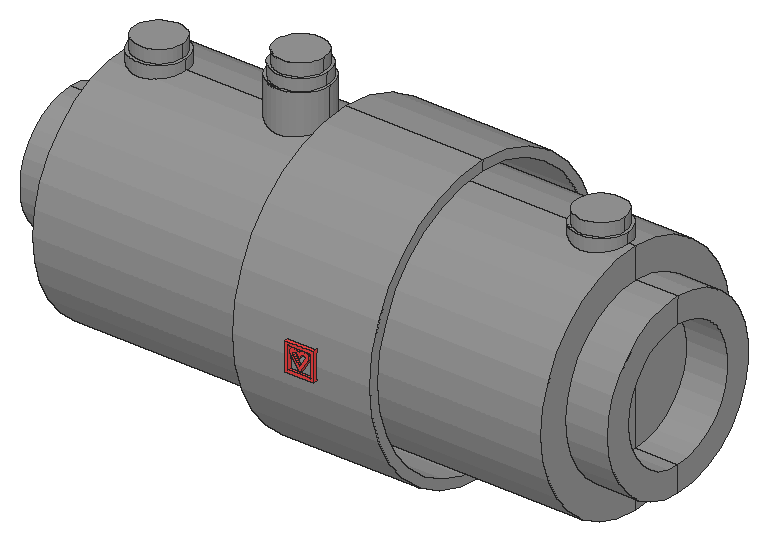
Revit family "HERZ System Separator 0307 AG-IG", category Rohrzubehör, Revit 2021
Family settings
  Bemaßung runder Anschluss = Durchmesser verwenden
  Teiletyp = Unterbricht
  OmniClass-Nummer = 23.65.55.14
  OmniClass-Titel = Valves for Liquid Services
  Arbeitsebenenbasiert = Nein
  Immer vertikal = Ja
  Beim Laden mit Abzugskörper schneiden = Nein
  Gemeinsam genutzt = Nein
Parameters (values of type "AG-IG DN40-DN40")
  Vorgabe-Ansicht = 0.000 mm
  URL = "www.herzvalves.com"
  SCTWSEQ = "AW;SBT_TYP_AW=\"104\";2"
  SCTWCODE = "04;12;02"  # constant formula
  S03 = 15.000 mm  # constant formula
  S02 = 45.000 mm  # constant formula
  S01 = 98.000 mm  # constant formula
  Nennweite Ein [instance] = if(AG_IG_DN40_DN40, 40.000 mm, if(AG_IG_DN40_DN50, 40.000 mm, if(AG_IG_DN50_DN40, 50.000 mm, if(AG_IG_DN50_DN50, 50.000 mm, 0.000 mm))))  # 40.000 mm
  Nennweite Aus [instance] = if(AG_IG_DN40_DN40, 40.000 mm, if(AG_IG_DN40_DN50, 50.000 mm, if(AG_IG_DN50_DN40, 40.000 mm, if(AG_IG_DN50_DN50, 50.000 mm, 0.000 mm))))  # 40.000 mm
  Model = "The backflow preventer has been developed in accordance with the standard DIN EN 1717.\r\nAccording to this standard, the water quality is divided up into 5 classes depending on the degree of contamination.\r\nBackflow preventers of type BA provide protection against non-drinking water up to hazard class 4.\r\nThis is the highest hazard class that may be safeguarded with a valve.\r\nSafeguarding a standpipe with a lower form of protection than a system separator of type BA per DIN EN 1717 is no longer reflective of current engineering practice and the operator is therefore liable in the event of damage with such a standpipe.\r\nThe functional unit is designed as a single-piece cartridge with large-dimension control piston and pressure surge-damped discharge valve system.\r\nThreaded connections are mutually interchangeable, whereby 16 possible connection variants exist (intake and outlet side available in 1 1/2\" inner or outer thread, alternatively in 2\" inner or outer thread)."
  Medium = "Water (without steam)"  # constant formula
  Max. permissible temperature (short-term) = 80 °C  # constant formula
  Max. operating temperature = 65 °C  # constant formula
  Max. operating pressure = 1000000.0 Pa  # constant formula
  L07 = 24.500 mm  # constant formula
  L06 = 73.000 mm  # constant formula
  L05 = 28.000 mm  # constant formula
  L04 = 13.500 mm  # constant formula
  L03 = 87.500 mm  # constant formula
  L02 = 18.000 mm  # constant formula
  L01 = 193.000 mm  # constant formula
  Note = "Pursuant to Article 33 of the REACH Regulation (EC No. 1907/2006), we are obliged to point out that the material lead is listed on the SVHC list and that all brass components manufactured in our products exceed 0.1% (w / w) lead (CAS: 7439-92-1 / EINECS: 231-100-4).\r\nSince lead is a component part of an alloy, actual exposure is not possible and therefore no additional information on safe use is necessary."
  Installation position = "Horizontal or perpendicular pointing downwards"  # constant formula
  Hersteller = "HERZ Armaturen Ges.m.b.H."  # constant formula
  D03 [instance] = if(AG_IG_DN40_DN40, 28.000 mm, if(AG_IG_DN40_DN50, 33.000 mm, if(AG_IG_DN50_DN40, 28.000 mm, if(AG_IG_DN50_DN50, 33.000 mm, 0.000 mm))))  # 28.000 mm
  D02 = 45.000 mm  # constant formula
  D01 = 37.500 mm  # constant formula
  Body = "stainless steel"  # constant formula
  Part number [instance] = if(AG_IG_DN40_DN40, "I030704", if(AG_IG_DN40_DN50, "I030712", if(AG_IG_DN50_DN40, "I030716", if(AG_IG_DN50_DN50, "I030708", "0"))))  # "I030704"
  Application = "The backflow preventer is an economical solution for retrofitting to standpipes that are required to have a mandatory safety valve according to DIN EN 1717 for preventing the back-suction, back-flowing or back-pressuring of non-drinking water into the drinking water line.\r\nThe backflow preventer is suitable for horizontal installation.\r\nIt can also be fitted perpendicular, although only pointing downwards.\r\nIt is not approved for installation in a riser."
  AG_IG_DN50_DN50 = no
  AG_IG_DN50_DN40 = no
  AG_IG_DN40_DN50 = no
  AG_IG_DN40_DN40 = yes
  IG Aus [instance] = Nennweite Aus / 2  # 20.000 mm
  AG Ein [instance] = Nennweite Ein / 2  # 20.000 mm
Types (5, lengths in mm): name | Nennweite Ein | Nennweite Aus | D03 | Part number | AG_IG_DN50_DN50 | AG_IG_DN50_DN40 | AG_IG_DN40_DN50 | AG_IG_DN40_DN40 | IG Aus | AG Ein
  (no name) | 40.000 | 40.000 | 28.000 | "I030704" | no | no | no | yes | 20.000 | 20.000
  AG-IG DN40-DN50 | 40.000 | 50.000 | 33.000 | "I030712" | no | no | yes | no | 25.000 | 20.000
  AG-IG DN40-DN40 | 40.000 | 40.000 | 28.000 | "I030704" | no | no | no | yes | 20.000 | 20.000
  AG-IG DN50-DN50 | 50.000 | 50.000 | 33.000 | "I030708" | yes | no | no | no | 25.000 | 25.000
  AG-IG DN50-DN40 | 50.000 | 40.000 | 28.000 | "I030716" | no | yes | no | no | 20.000 | 25.000
Reference planes
  plane 1 "Mitte (Vorne/hinten)": y = 0
  plane 2: z = 0
  plane 3 "Mitte (Links/rechts)": x = 0
Forms (mm)
  Revolve 1, solid, material "Messing, weicher Gelbton, geschweißt", detail levels fine
    sketch origin (0, 0, 0) x (1, 0, 0) y (0, 0, 1)
      loop
        line (-96.5, 0) -> (83, 0) -> (83, 20) -> (96.5, 20) -> (96.5, 28) -> (83, 28) -> (83, 37.5) -> (-78.5, 37.5) -> (-78.5, 20) -> (-96.5, 20) -> (-96.5, 0)
      axis (-96.5, 0) -> (96.5, 0)
    angle from 0 to 360
  Revolve 2, solid, material "Acetalharz, Schwarz", detail levels fine
    sketch origin (0, 0, 0) x (1, 0, 0) y (0, 0, 1)
      loop
        line (-9, 0) -> (1.5, 0) -> (1.5, 42) -> (34.5, 42) -> (34.5, 45) -> (-9, 45) -> (-9, 0)
      axis (-9, 0) -> (34.5, 0)
    angle from 0 to 360
  Extrusion 3, solid, material "Messing, weicher Gelbton, geschweißt", detail levels fine
    sketch origin (0, 0, 0) x (1, 0, 0) y (0, 1, 0)
      loop
        circle (-68.5, 0) r 8.5
      loop
        circle (72, 0) r 8.5
    from 0 to 40.5
  Extrusion 4, solid, material "Acetalharz, Schwarz", detail levels fine
    sketch origin (0, 0, 0) x (1, 0, 0) y (0, 1, 0)
      loop
        circle (-68.5, 0) r 7.5
      loop
        circle (72, 0) r 7.5
    from 40.5 to 44.5
  Extrusion 5, solid, material "Messing, weicher Gelbton, geschweißt", detail levels fine
    sketch origin (0, 0, 0) x (1, 0, 0) y (0, 1, 0)
      loop
        circle (-23.5, 0) r 9.3
    from 0 to 49
  Extrusion 6, solid, material "Messing, weicher Gelbton, geschweißt", detail levels fine
    sketch origin (0, 0, 0) x (1, 0, 0) y (0, 1, 0)
      loop
        circle (-23.5, 0) r 8.5
    from 49 to 52.5
  Extrusion 7, solid, material "Acetalharz, Schwarz", visible <- "AG_IG_DN40_DN50", detail levels fine
    sketch origin (0, 0, 0) x (1, 0, 0) y (0, 1, 0)
      loop
        circle (-23.5, 0) r 7.5
    from 52.5 to 56.5
  Extrusion 8, solid, material "Acetalharz, Schwarz", visible <- "AG_IG_DN40_DN40", detail levels fine
    sketch origin (0, 0, 0) x (1, 0, 0) y (0, 1, 0)
      loop
        circle (-23.5, 0) r 7.5
    from 52.5 to 56.4
  Extrusion 9, solid, material "Acetalharz, Schwarz", visible <- "AG_IG_DN50_DN50", detail levels fine
    sketch origin (0, 0, 0) x (1, 0, 0) y (0, 1, 0)
      loop
        circle (-23.5, 0) r 7.5
    from 52.5 to 56.3
  Extrusion 10, solid, material "Acetalharz, Schwarz", visible <- "AG_IG_DN50_DN40", detail levels fine
    sketch origin (0, 0, 0) x (1, 0, 0) y (0, 1, 0)
      loop
        circle (-23.5, 0) r 7.5
    from 52.5 to 56.2
Lines and regions (mm)
  model lines, detail levels coarse+medium
    curve 1: line (-96.5, 0, 37.5) -> (96.5, 0, 37.5)
    curve 2: line (-96.5, 0, -37.5) -> (-96.5, 0, 37.5)
    curve 3: line (96.5, 0, -37.5) -> (-96.5, 0, -37.5)
    curve 4: line (96.5, 0, 37.5) -> (96.5, 0, -37.5)
    curve 5: line (-96.5, 0, -22.5) -> (-51.5, 0, -22.5)
    curve 6: line (-1.5, 0, -22.5) -> (96.5, 0, -22.5)
    curve 7: line (-96.5, 0, 22.5) -> (-51.5, 0, 22.5)
    curve 8: line (-1.5, 0, 22.5) -> (96.5, 0, 22.5)
    curve 9: line (-96.5, 37.5, 0) -> (96.5, 37.5, 0)
    curve 10: line (-96.5, -37.5, 0) -> (-96.5, 37.5, 0)
    curve 11: line (96.5, -37.5, 0) -> (-96.5, -37.5, 0)
    curve 12: line (96.5, 37.5, 0) -> (96.5, -37.5, 0)
    curve 13: line (-96.5, 22.5, 0) -> (-51.5, 22.5, 0)
    curve 14: line (-1.5, 22.5, 0) -> (96.5, 22.5, 0)
    curve 15: line (-96.5, -22.5, 0) -> (-51.5, -22.5, 0)
    curve 16: line (-1.5, -22.5, 0) -> (96.5, -22.5, 0)
Dimensions and locks
  "L04": Revolve 1 sketch curve to Revolve 1 sketch curve
  "L02": Revolve 1 sketch curve to Revolve 1 sketch curve
  "L01": Revolve 1 sketch curve to Revolve 1 sketch curve
  equal spacing: Revolve 1 sketch curve, plane 3 "Mitte (Links/rechts)", Revolve 1 sketch curve
  "AG Ein": Revolve 1 sketch curve to plane 2
  "D01": Revolve 1 sketch curve to plane 2
  "L03": Revolve 1 to Revolve 2 sketch curve
  equal spacing: curve 4, plane 3 "Mitte (Links/rechts)", curve 2
  "L01": curve 4 to curve 2
  "D01": curve 1 to plane 2 to curve 3
  "S03": curve 5 to curve 3
  "S03": curve 1 to curve 7
  "S03": curve 1 to curve 8
  "S03": curve 6 to curve 3
  "S02": curve 5 to curve 2
  "S02": curve 7 to curve 2
  "S01": curve 8 to curve 4
  "S01": curve 6 to curve 4
  equal spacing: curve 10, plane 3 "Mitte (Links/rechts)", curve 12
  "L01": curve 10 to curve 12
  "D01": curve 11 to plane 1 "Mitte (Vorne/hinten)" to curve 9
  "S03": curve 13 to curve 9
  "S03": curve 11 to curve 15
  "S03": curve 14 to curve 9
  "S03": curve 11 to curve 16
  "S01": curve 14 to curve 12
  "S01": curve 16 to curve 12
  "S02": curve 10 to curve 15
  "S02": curve 10 to curve 13
  "D02": Revolve 2 sketch curve to Revolve 2 sketch curve
  equal spacing: Revolve 2, nested 1, Revolve 2
  "D02": nested 1 to plane 1 "Mitte (Vorne/hinten)"
  "D03": Revolve 1 sketch curve to plane 2
  "IG Aus": Revolve 1 sketch curve to plane 2
  "L05": Revolve 1 to Extrusion 3 sketch curve
  "L05": Revolve 1 to Extrusion 4 sketch curve
  "L06": Revolve 1 to Extrusion 5 sketch curve
  "L06": Revolve 1 to Extrusion 6 sketch curve
  "L06": Revolve 1 to Extrusion 10 sketch curve
  "L06": Revolve 1 to Extrusion 9 sketch curve
  "L06": Revolve 1 to Extrusion 8 sketch curve
  "L06": Revolve 1 to Extrusion 7 sketch curve
  "L07": Extrusion 3 sketch curve to Revolve 1
  "L07": Extrusion 4 sketch curve to Revolve 1
  aligned and locked: level to plane 2
Automatic sketch dimensions
  Revolve 1 sketch curve to level = 0.000 mm  (x2)
  Revolve 1 sketch curve to Revolve 1 sketch curve = 0.000 mm
  Revolve 1 sketch curve to Revolve 1 sketch curve = 1408.530 mm
  Revolve 1 sketch curve to Revolve 1 sketch curve = 1741.148 mm
  Revolve 2 sketch curve to level = 0.000 mm  (x2)
  plane 3 "Mitte (Links/rechts)" to Revolve 2 sketch curve = 1.500 mm
  Revolve 2 sketch curve to Revolve 2 sketch curve = 33.000 mm
  Revolve 2 sketch curve to Revolve 2 sketch curve = 3.000 mm
  Revolve 2 sketch curve to Revolve 2 sketch curve = 1496.030 mm
  Revolve 2 sketch curve to Revolve 2 sketch curve = 1804.648 mm
  plane 1 "Mitte (Vorne/hinten)" to Extrusion 3 sketch curve = 0.000 mm  (x2)
  plane 1 "Mitte (Vorne/hinten)" to Extrusion 4 sketch curve = 0.000 mm  (x2)
  plane 1 "Mitte (Vorne/hinten)" to Extrusion 5 sketch curve = 0.000 mm
  plane 1 "Mitte (Vorne/hinten)" to Extrusion 6 sketch curve = 0.000 mm
  plane 1 "Mitte (Vorne/hinten)" to Extrusion 7 sketch curve = 0.000 mm
  plane 1 "Mitte (Vorne/hinten)" to Extrusion 8 sketch curve = 0.000 mm
  plane 1 "Mitte (Vorne/hinten)" to Extrusion 9 sketch curve = 0.000 mm
  plane 1 "Mitte (Vorne/hinten)" to Extrusion 10 sketch curve = 0.000 mm
  radius of Extrusion 3 sketch curve = 8.500 mm  (x2)
  radius of Extrusion 4 sketch curve = 7.500 mm  (x2)
  radius of Extrusion 5 sketch curve = 9.300 mm
  radius of Extrusion 6 sketch curve = 8.500 mm
  radius of Extrusion 7 sketch curve = 7.500 mm
  radius of Extrusion 8 sketch curve = 7.500 mm
  radius of Extrusion 9 sketch curve = 7.500 mm
  radius of Extrusion 10 sketch curve = 7.500 mm
Nested families
  nested 1: "Herz-Logo-vorne" at (12.75, -45, 0) x (0, 1, 0) z (0, 0, 1), type "Herz-Logo-vorne", detail levels fine
Connectors
  piping at (-96.5, 0, 0), diameter 40, driven by "Nennweite Ein"
    settings: on Revolve 1, index 2, connector inside diameter 609.6 mm, connector length 0.000 mm, flow factor 0, pipe flow 0.0 L/s, pressure drop 0.0 Pa, fitting loss kfactor 0, connector angle 0.00°, fixture units 0, engagement length 0.000 mm, angle of deflection 0.00°, flow configuration 0, flow direction 1, fitting loss method 0, system type 29, joint type 0, gender type 0, connector reference index -1, connector utility 0, adjustable connector no, is connector primary yes, connector description ""
  piping at (83, 0, 0), diameter 40, driven by "Nennweite Aus"
    settings: on Revolve 1, index 3, connector inside diameter 609.6 mm, connector length 0.000 mm, flow factor 0, pipe flow 0.0 L/s, pressure drop 0.0 Pa, fitting loss kfactor 0, connector angle 0.00°, fixture units 0, engagement length 0.000 mm, angle of deflection 0.00°, flow configuration 0, flow direction 2, fitting loss method 0, system type 29, joint type 0, gender type 0, connector reference index -1, connector utility 0, adjustable connector no, is connector primary no, connector description ""
Definition of nested family "Herz-Logo-vorne"
  Parameters (values of type "Herz-Logo-vorne")
    Default Elevation = 0.000 mm
  Reference planes
    plane 1 "Mitte (Vorne/hinten)": y = 0
    plane 2: z = 0
    plane 3 "Mitte (Links/rechts)": x = 0
  Forms (mm)
    Extrusion 1, solid
      sketch origin (0.732, -0.018, 0.017) x (0, -1, 0) y (0, 0, 1)
        loop
          line (-0.018, -4.517) -> (4.482, -4.517) -> (4.482, 4.483) -> (-4.518, 4.483) -> (-4.518, -4.517) -> (-0.018, -4.517)
        loop
          line (-0.05, -3.48) -> (3.482, -3.48) -> (3.482, 3.483) -> (-3.518, 3.483) -> (-3.518, -3.48) -> (-0.05, -3.48)
        loop
          arc (-0.018, 2.383) -> (-1.543, 3.287) -> (-3.067, 2.383) r 1.738
          arc (-3.067, 2.383) -> (-3.191, 1.899) -> (-3.067, 1.415) r 1.009
          line (-3.067, 1.415) -> (-0.018, -3.281) -> (3.032, 1.415)
          arc (3.032, 1.415) -> (3.156, 1.899) -> (3.032, 2.383) r 1.009
          arc (3.032, 2.383) -> (1.507, 3.287) -> (-0.018, 2.383) r 1.738
        loop
          arc (1.885, 1.272) -> (2.005, 1.675) -> (1.885, 2.079) r 0.74
          arc (1.885, 2.079) -> (1.265, 2.416) -> (0.644, 2.079) r 0.74
          line (0.644, 2.079) -> (-0.018, 0.97) -> (-0.679, 2.079)
          arc (-0.679, 2.079) -> (-1.3, 2.416) -> (-1.921, 2.079) r 0.74
          arc (-1.921, 2.079) -> (-2.04, 1.675) -> (-1.921, 1.272) r 0.74
          line (-1.921, 1.272) -> (-0.018, -1.658) -> (1.885, 1.272)
      from 0 to 1.5
  Dimensions and locks
    aligned and locked: level to plane 2
